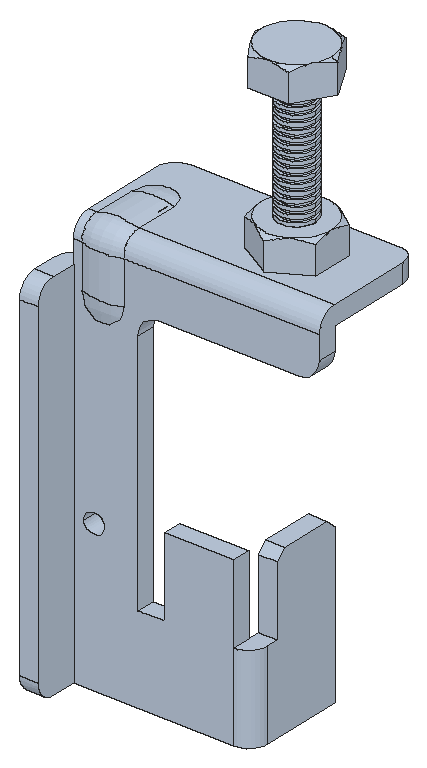
Revit family "HPL", category 機械設備, Revit 2020
Family settings
  丸型コネクタ寸法 = 直径を使用
  種別 = なし
  パーツ タイプ = 標準
  作業面ベース = いいえ
  常に垂直 = はい
  ロード時にボイドで切り取り = いいえ
  共有 = はい
  部屋計算ポイント = いいえ
Parameters (values of type "ﾊﾘｼﾀﾋﾟｰｽﾛｯｸ 40")
  ﾊﾘｼﾀﾋﾟｰｽ ﾏﾃﾘｱﾙ [instance] = 電気亜鉛メッキ
  製造元 = "株式会社サンユー"
  既定の高さ = 0 mm
  フランジT [instance] = 40 mm
  クリアランス = 45 mm
  URL = "http://www.3you.co.jp/"
  t [instance] = 2.3 mm
Types (3, lengths in mm): name | フランジT | クリアランス
  ﾊﾘｼﾀﾋﾟｰｽﾛｯｸ 20 | 20 | 25
  ﾊﾘｼﾀﾋﾟｰｽﾛｯｸ 40 | 40 | 45
  ﾊﾘｼﾀﾋﾟｰｽﾛｯｸ 60 | 60 | 65
Reference planes
  plane 1 "中心(正面/背面)": y = 0
  plane 2: z = 0
  plane 3 "中心(左/右)": x = 0
  plane 4: x = 2.25
  plane 5: z = 53.2
  plane 6: z = 57.7
  plane 7: z = 42.7
  plane 8: z = 47.7
  plane 9: through (0, 20, 1200) normal (0.7714, -0.6364, 0)
  plane 10: through (0, 20, 1200) normal (0.4511, -0.8925, 0)
  plane 11: through (-42.725, -16.135, 1200) normal (-0.2594, 0.9658, 0)
  plane 12: z = -2.3
  plane 13: z = -42.3
  plane 14: z = -21.3
  plane 15: x = -33.5
  plane 16: z = -6.3
  plane 17: x = -31.5
  plane 18: x = -32.5
  plane 19: x = -30.5
  plane 20: z = 40
Forms (mm)
  Extrusion 1, solid, material "電気亜鉛メッキ" <- "ﾊﾘｼﾀﾋﾟｰｽ ﾏﾃﾘｱﾙ"
    sketch origin (0, 0, -2.3) x (1, 0, 0) y (0, 0, 1)
      loop
        arc (-23, 40) -> (-21.536, 43.536) -> (-18, 45) r 5
        line (-18, 45) -> (15.5, 45)
        arc (15.5, 45) -> (19.036, 46.464) -> (20.5, 50) r 5
        line (20.5, 50) -> (20.5, 55.5) -> (-38.5, 55.5) -> (-38.5, -40) -> (0, -40) -> (0, 0) -> (-16.5, 0) -> (-16.5, -19) -> (-23, -19) -> (-23, 40)
      loop
        circle (-33.5, -4) r 2.5
    from 0 to 4.5
  Extrusion 2, solid, material "電気亜鉛メッキ" <- "ﾊﾘｼﾀﾋﾟｰｽ ﾏﾃﾘｱﾙ"
    sketch origin (0, 0, -2.3) x (1, 0, 0) y (0, 1, 0)
      loop
        line (0, 3) -> (0, -4.5)
        arc (0, -4.5) -> (3.182, -3.182) -> (4.5, 0) r 4.5
        line (4.5, 0) -> (4.5, 3) -> (0, 3)
    from -40 to -19
  Extrusion 3, solid, material "電気亜鉛メッキ" <- "ﾊﾘｼﾀﾋﾟｰｽ ﾏﾃﾘｱﾙ"
    sketch origin (0, 0, -2.3) x (1, 0, 0) y (0, 1, 0)
      loop
        line (16, 25) -> (-34, 25)
        arc (-34, 25) -> (-37.182, 23.682) -> (-38.5, 20.5) r 4.5
        line (-38.5, 20.5) -> (-38.5, 0) -> (20.5, 0) -> (20.5, 20.5)
        arc (20.5, 20.5) -> (19.182, 23.682) -> (16, 25) r 4.5
      loop
        circle (2.25, 11.5) r 4.49
    from 55.5 to 60
  Extrusion 4, solid, material "電気亜鉛メッキ" <- "ﾊﾘｼﾀﾋﾟｰｽ ﾏﾃﾘｱﾙ"
    sketch origin (0, 0, 17.7) x (0, 1, 0) y (0, 0, 1)
      loop
        arc (0, 40) -> (-3.182, 38.682) -> (-4.5, 35.5) r 4.5
        line (-4.5, 35.5) -> (0, 35.5) -> (0, 40)
    from -38.5 to 20.5
  Extrusion 5, solid, material "電気亜鉛メッキ" <- "ﾊﾘｼﾀﾋﾟｰｽ ﾏﾃﾘｱﾙ"
    sketch origin (0, 0, -2.3) x (0, 1, 0) y (0, 0, 1)
      loop
        line (20, -2.121) -> (17.879, 0) -> (5.121, 0) -> (3, -2.121) -> (3, -40) -> (20, -40) -> (20, -2.121)
    from 0 to 4.5
  Extrusion 6, solid, material "電気亜鉛メッキ" <- "ﾊﾘｼﾀﾋﾟｰｽ ﾏﾃﾘｱﾙ"
    sketch origin (4.5, 0, -2.3) x (0, 1, 0) y (0, 0, 1)
      loop
        line (-15, 45.5) -> (-15, -35.5)
        arc (-15, -35.5) -> (-13.682, -38.682) -> (-10.5, -40) r 4.5
        line (-10.5, -40) -> (0, -40) -> (0, 50) -> (-10.5, 50)
        arc (-10.5, 50) -> (-13.682, 48.682) -> (-15, 45.5) r 4.5
    from -47.5 to -43
  Extrusion 7, void
    sketch origin (4.5, 0, -2.3) x (1, 0, 0) y (0, 1, 0)
      loop
        line (-43, 0) -> (-47.5, 0) -> (-47.5, -4.5)
        arc (-47.5, -4.5) -> (-46.182, -1.318) -> (-43, 0) r 4.5
    from 50 to -40
  Sweep 8, solid, material "電気亜鉛メッキ" <- "ﾊﾘｼﾀﾋﾟｰｽ ﾏﾃﾘｱﾙ"
    path origin (0, 0.003, -2.3) x (0, 1, 0) y (0, 0, 1)
      loop
        arc (15.497, 59.197) -> (13.057, 59.798) -> (10.552, 60) r 15.636
        line (10.552, 60) -> (-0.003, 60)
        arc (-0.003, 60) -> (-3.185, 58.682) -> (-4.503, 55.5) r 4.5
        line (-4.503, 55.5) -> (-4.503, 45)
        arc (-4.503, 45) -> (-4.301, 42.468) -> (-3.703, 40) r 16.025
    profile origin (0, 5.277, 57.7) x (0, 0, -1) y (1, 0, 0)
      loop
        arc (0, -26.5) -> (-0.831, -31.5) -> (0, -36.5) r 15.451
        line (0, -36.5) -> (0, -26.5)
  Sweep 9, void
    path origin (0, 0, 0) x (0, 1, 0) y (0, 0, 1)
      loop
        line (0, 38.2) -> (0, 53.2) -> (15.495, 53.2)
    profile origin (0, 7.748, 53.2) x (0, 0, 1) y (1, 0, 0)
      loop
        line (0.768, -32) -> (1.6, -32) -> (1.6, -31) -> (0.781, -31)
        arc (0.781, -31) -> (0.281, -30.824) -> (0, -30.375) r 0.8
        line (0, -30.375) -> (0, -32.575)
        arc (0, -32.575) -> (0.288, -32.16) -> (0.768, -32) r 0.8
Cuts and joins
  Sweep 9 cuts Extrusion 1
  Sweep 9 cuts Extrusion 2
  Sweep 9 cuts Extrusion 3
  Sweep 9 cuts Extrusion 4
  Sweep 9 cuts Extrusion 5
  Extrusion 7, Sweep 9 cuts Extrusion 6
  joined: Extrusion 1, Extrusion 2, Extrusion 3, Extrusion 4, Extrusion 5, Extrusion 6, Sweep 8
Lines and regions (mm)
  reference lines
    curve 1: line (-23, 0, 67.915) -> (-23, 0, -57.085)
    curve 2: line (-53, 0, 0) -> (27, 0, 0)
Dimensions and locks
  plane 6 to plane 5 to plane 8 to plane 7 = 4.5 mm locked, 5.5 mm locked, 5 mm locked
  "t": plane 2 to plane 12
  "クリアランス": plane 7 to plane 12
  plane 12 to plane 14 to plane 13 = 19 mm locked, 21 mm locked
  level to plane 16 = 6.3 mm
  "フランジT": plane 20 to plane 2
  radius of Extrusion 1 sketch curve = 5 mm
  aligned and locked: plane 2 to level
  aligned and locked: plane 12 to Extrusion 5
  aligned and locked: plane 5 to cut or joined group 1 (Extrusion 1, Extrusion 2, Extrusion 3, Extrusion 4, Extrusion 5, Extrusion 6, Extrusion 7, Sweep 8, Sweep 9)  (x2)
  aligned and locked: Extrusion 4 to plane 5
  aligned and locked: plane 6 to Extrusion 4
  aligned and locked: plane 6 to cut or joined group 1
  aligned and locked: plane 6 to nested 1
  aligned and locked: plane 8 to cut or joined group 1
  aligned and locked: cut or joined group 1 to plane 13  (x3)
  aligned and locked: plane 14 to cut or joined group 1  (x2)
  aligned and locked: plane 13 to cut or joined group 1  (x2)
  aligned and locked: Sweep 8 to plane 6
  aligned and locked: curve 1 to cut or joined group 1
  aligned and locked: curve 2 to plane 2
  aligned and locked: plane 20 to nested 2
Automatic sketch dimensions
  Extrusion 2 sketch curve to plane 3 "中心(左/右)" = 0 mm
  plane 1 "中心(正面/背面)" to Extrusion 2 sketch curve = 0 mm
  plane 4 to Extrusion 2 sketch curve = 2.25 mm
  Extrusion 2 sketch curve to plane 1 "中心(正面/背面)" = 3 mm
  plane 1 "中心(正面/背面)" to Extrusion 3 sketch curve = 0 mm
  Extrusion 3 sketch curve to Extrusion 3 sketch curve = 4.5 mm
  plane 4 to Extrusion 3 sketch curve = 13.75 mm
  plane 4 to Extrusion 3 sketch curve = 18.25 mm
  Extrusion 3 sketch curve to plane 1 "中心(正面/背面)" = 20.5 mm
  Extrusion 4 sketch curve to plane 5 = 0 mm
  Extrusion 4 sketch curve to plane 1 "中心(正面/背面)" = 0 mm
  Extrusion 4 sketch curve to plane 6 = 0 mm
  plane 1 "中心(正面/背面)" to Extrusion 4 sketch curve = 4.5 mm
  Extrusion 5 sketch curve to plane 12 = 0 mm
  Extrusion 5 sketch curve to plane 1 "中心(正面/背面)" = 3 mm
  Extrusion 5 sketch curve to Extrusion 5 sketch curve = 2.121 mm  (x2)
  Extrusion 5 sketch curve to Extrusion 5 sketch curve = 12.757 mm
  Extrusion 5 sketch curve to plane 12 = 2.121 mm  (x2)
  Extrusion 5 sketch curve to Extrusion 5 sketch curve = 37.879 mm
  Extrusion 6 sketch curve to plane 8 = 0 mm
  Extrusion 6 sketch curve to plane 1 "中心(正面/背面)" = 0 mm
  plane 1 "中心(正面/背面)" to Extrusion 6 sketch curve = 10.5 mm  (x2)
  Extrusion 6 sketch curve to Extrusion 6 sketch curve = 4.5 mm
  Extrusion 6 sketch curve to plane 12 = 35.5 mm
  plane 1 "中心(正面/背面)" to Extrusion 7 sketch curve = 0 mm
  Extrusion 7 sketch curve to Extrusion 7 sketch curve = 4.5 mm
  plane 1 "中心(正面/背面)" to Extrusion 7 sketch curve = 4.5 mm
  Extrusion 7 sketch curve to Extrusion 7 sketch curve = 0 mm
  Extrusion 3 sketch curve to plane 4 = 0 mm
  Extrusion 3 sketch curve to plane 1 "中心(正面/背面)" = 11.5 mm
  Extrusion 3 sketch curve to plane 3 "中心(左/右)" = 2.24 mm
  Extrusion 1 sketch curve to plane 5 = 0 mm
  Extrusion 1 sketch curve to plane 15 = 0 mm
  Extrusion 1 sketch curve to plane 14 = 0 mm
  Extrusion 1 sketch curve to plane 7 = 0 mm
  Extrusion 1 sketch curve to plane 12 = 0 mm
  Extrusion 1 sketch curve to plane 3 "中心(左/右)" = 0 mm
  Extrusion 1 sketch curve to plane 16 = 0 mm
  Extrusion 1 sketch curve to plane 15 = 5 mm
  plane 4 to Extrusion 1 sketch curve = 13.25 mm
  Extrusion 1 sketch curve to plane 8 = 0 mm
  Extrusion 1 sketch curve to plane 13 = 0 mm
  Sweep 8 sketch curve to plane 7 = 0 mm
  Sweep 8 sketch curve to plane 6 = 0 mm
  plane 5 to Sweep 8 sketch curve = 0 mm
  plane 1 "中心(正面/背面)" to Sweep 8 sketch curve = 4.5 mm
  Sweep 8 sketch curve to Sweep 8 sketch curve = 10.555 mm
  Sweep 8 sketch curve to Sweep 8 sketch curve = 0.97 mm
  Sweep 8 sketch curve to plane 7 = 0.636 mm
  Sweep 8 sketch curve to plane 6 = 0.803 mm
  Sweep 8 sketch curve to profile plane = 0 mm
  Sweep 8 sketch curve to plane 17 = 0 mm
  Sweep 8 sketch curve to profile plane = 14.619 mm
  Sweep 8 sketch curve to plane 17 = 5 mm
  Sweep 9 sketch curve to plane 1 "中心(正面/背面)" = 0 mm
  Sweep 9 sketch curve to plane 5 = 0 mm
  Sweep 9 sketch curve to plane 1 "中心(正面/背面)" = 15.495 mm
  Sweep 9 sketch curve to profile plane = 0 mm
  plane 18 to Sweep 9 sketch curve = 0.5 mm
  Sweep 9 sketch curve to profile plane = 0.768 mm
  plane 19 to Sweep 9 sketch curve = 0.3 mm
  Sweep 9 sketch curve to profile plane = 0.781 mm
  Sweep 9 sketch curve to Sweep 9 sketch curve = 0.832 mm
  Sweep 9 sketch curve to plane 18 = 0.075 mm
  Sweep 9 sketch curve to Sweep 9 sketch curve = 0.8 mm
  plane 1 "中心(正面/背面)" to Sweep 8 sketch curve = 3.7 mm
  Sweep 9 sketch curve to plane 7 = 4.5 mm
  plane 15 to Extrusion 1 sketch curve = 10.5 mm
  Extrusion 1 sketch curve to Extrusion 1 sketch curve = 16.5 mm
  Extrusion 3 sketch curve to plane 3 "中心(左/右)" = 34 mm
  Extrusion 7 sketch curve to plane 3 "中心(左/右)" = 43 mm
  curve 2 to plane 3 "中心(左/右)" = 53 mm
  curve 1 to plane 3 "中心(左/右)" = 23 mm
  plane 4 to curve 2 = 24.75 mm
  curve 1 to plane 13 = 14.785 mm
  plane 6 to curve 1 = 10.215 mm
  radius of Extrusion 1 sketch curve = 2.5 mm
Nested families
  nested 1: "ﾅｯﾄ" at (2.25, 11.5, 57.7), type "ﾅｯﾄ"
  nested 2: "ﾎﾞﾙﾄ" at (2.25, 11.5, 95), type "ﾎﾞﾙﾄ"
Definition of nested family "ﾅｯﾄ"
  Parameters (values of type "ﾅｯﾄ")
    ﾅｯﾄ ﾏﾃﾘｱﾙ = none
    高さ = 40 mm
    Default Elevation = 0 mm
  Reference planes
    plane 1 "中心(正面/背面)": y = 0
    plane 2: z = 0
    plane 3 "中心(左/右)": x = 0
    plane 4: z = 0
  Forms (mm)
    Extrusion 1, solid, material <- "ﾅｯﾄ ﾏﾃﾘｱﾙ"
      sketch origin (-14.998, 0, 0) x (1, 0, 0) y (0, 1, 0)
        loop
          line (23.498, 4.907) -> (14.998, 9.815) -> (6.498, 4.907) -> (6.498, -4.907) -> (14.998, -9.815) -> (23.498, -4.907) -> (23.498, 4.907)
        loop
          circle (14.998, 0) r 4.5
      from 0 to 7.7
    Sweep 2, void
      path origin (0, 0, 0) x (1, 0, 0) y (0, 1, 0)
        loop
          circle (0, 0) r 8.5
      profile origin (0, 8.5, 0) x (0, -1, 0) y (0, 0, 1)
        loop
          line (0, 7.7) -> (-1.315, 7.7) -> (-1.315, 6.721)
          arc (-1.315, 6.721) -> (-0.612, 7.149) -> (0, 7.7) r 4.432
  Cuts and joins
    Sweep 2 cuts Extrusion 1
  Lines and regions (mm)
    reference lines
      curve 1: circle (0, 0, 0) r 8.5 normal (0, 0, 1)
  Dimensions and locks
    aligned and locked: level to plane 2
Definition of nested family "ﾎﾞﾙﾄ"
  Parameters (values of type "ﾎﾞﾙﾄ")
    ﾎﾞﾙﾄ ﾏﾃﾘｱﾙ = none
    高さ = 55 mm
    Default Elevation = 0 mm
    ネジ = 高さ / 1.6 mm - 1  # 33
    ねじ芯R = 3.7 mm
  Reference planes
    plane 1 "中心(正面/背面)": y = 0
    plane 2: z = 0
    plane 3 "中心(左/右)": x = 0
    plane 4: z = 0
    plane 5: z = -55
  Forms (mm)
    Extrusion 1, solid, material <- "ﾎﾞﾙﾄ ﾏﾃﾘｱﾙ"
      sketch origin (-14.99, 0, 0) x (1, 0, 0) y (0, 1, 0)
        loop
          circle (14.99, 0) r 3.7
      from 0 to -55
    Sweep 2, void
      path origin (0, 0, 0) x (1, 0, 0) y (0, 1, 0)
        loop
          circle (0, 0) r 8.5
      profile origin (0, 8.5, 0) x (0, -1, 0) y (0, 0, 1)
        loop
          line (0, 7.7) -> (-1.315, 7.7) -> (-1.315, 6.721)
          arc (-1.315, 6.721) -> (-0.612, 7.149) -> (0, 7.7) r 4.432
    Extrusion 3, solid, material <- "ﾎﾞﾙﾄ ﾏﾃﾘｱﾙ"
      sketch origin (-14.998, 0, -50) x (1, 0, 0) y (0, 1, 0)
        loop
          line (10.09, 8.5) -> (5.183, 0) -> (10.09, -8.5) -> (19.905, -8.5) -> (24.813, 0) -> (19.905, 8.5) -> (10.09, 8.5)
      from 50 to 57.7
  Cuts and joins
    Sweep 2 cuts Extrusion 3
  Dimensions and locks
    equal spacing: group 1, group 2, group 3, group 4, group 5, group 6, group 7, group 8, group 9, group 10, group 11, group 12, group 13, group 14, group 15, group 16, group 17, group 18, group 19, group 20, group 21, group 22, group 23, group 24, group 25, group 26, group 27, group 28, group 29, group 30, group 31, group 32, group 33  (x2)
    equal spacing: group 33, group 32, group 31, group 30, group 29, group 28, group 27, group 26, group 25, group 24, group 23, group 22, group 21, group 20, group 19, group 18, group 17, group 16, group 15, group 14, group 13, group 12, group 11, group 10, group 9, group 8, group 7, group 6, group 5, group 4, group 3, group 2, group 1
    "高さ": plane 4 to plane 5
    "ねじ芯R": radius of Extrusion 1 sketch curve
    aligned and locked: level to plane 2
    aligned and locked: Extrusion 1 to plane 5
  Automatic sketch dimensions
    plane 1 "中心(正面/背面)" to Sweep 2 sketch curve = 0 mm
    Sweep 2 sketch curve to plane 3 "中心(左/右)" = 0 mm
    Sweep 2 sketch curve to profile plane = 0 mm
    profile plane to Sweep 2 sketch curve = 1.315 mm
    profile plane to Sweep 2 sketch curve = 3.259 mm
    profile plane to Sweep 2 sketch curve = 6.721 mm
    Sweep 2 sketch curve to Sweep 2 sketch curve = 0.979 mm
    plane 1 "中心(正面/背面)" to Extrusion 3 sketch curve = 0 mm  (x2)
    Extrusion 3 sketch curve to plane 3 "中心(左/右)" = 9.815 mm
    Extrusion 3 sketch curve to plane 3 "中心(左/右)" = 4.907 mm  (x2)
    plane 3 "中心(左/右)" to Extrusion 3 sketch curve = 4.907 mm  (x2)
    plane 3 "中心(左/右)" to Extrusion 3 sketch curve = 9.815 mm
    plane 1 "中心(正面/背面)" to Extrusion 3 sketch curve = 8.5 mm
    Extrusion 3 sketch curve to plane 1 "中心(正面/背面)" = 8.5 mm
    plane 1 "中心(正面/背面)" to Extrusion 1 sketch curve = 0 mm
    Extrusion 1 sketch curve to plane 3 "中心(左/右)" = 0 mm
    radius of Sweep 2 sketch curve = 8.5 mm
  Nested families
    nested 1: "ねじ山" at (0, 0, -1.312), ねじ山 ﾏﾃﾘｱﾙ <- "ﾎﾞﾙﾄ ﾏﾃﾘｱﾙ", type "ねじ山"
      with 外半径 4.5 mm, 内半径 3.7 mm
    nested 2: "ねじ山" at (0, 0, -2.963), ねじ山 ﾏﾃﾘｱﾙ <- "ﾎﾞﾙﾄ ﾏﾃﾘｱﾙ", type "ねじ山"
      with 外半径 4.5 mm, 内半径 3.7 mm
    nested 3: "ねじ山" at (0, 0, -4.613), ねじ山 ﾏﾃﾘｱﾙ <- "ﾎﾞﾙﾄ ﾏﾃﾘｱﾙ", type "ねじ山"
      with 外半径 4.5 mm, 内半径 3.7 mm
    nested 4: "ねじ山" at (0, 0, -6.263), ねじ山 ﾏﾃﾘｱﾙ <- "ﾎﾞﾙﾄ ﾏﾃﾘｱﾙ", type "ねじ山"
      with 外半径 4.5 mm, 内半径 3.7 mm
    nested 5: "ねじ山" at (0, 0, -7.913), ねじ山 ﾏﾃﾘｱﾙ <- "ﾎﾞﾙﾄ ﾏﾃﾘｱﾙ", type "ねじ山"
      with 外半径 4.5 mm, 内半径 3.7 mm
    nested 6: "ねじ山" at (0, 0, -9.564), ねじ山 ﾏﾃﾘｱﾙ <- "ﾎﾞﾙﾄ ﾏﾃﾘｱﾙ", type "ねじ山"
      with 外半径 4.5 mm, 内半径 3.7 mm
    nested 7: "ねじ山" at (0, 0, -11.214), ねじ山 ﾏﾃﾘｱﾙ <- "ﾎﾞﾙﾄ ﾏﾃﾘｱﾙ", type "ねじ山"
      with 外半径 4.5 mm, 内半径 3.7 mm
    nested 8: "ねじ山" at (0, 0, -12.864), ねじ山 ﾏﾃﾘｱﾙ <- "ﾎﾞﾙﾄ ﾏﾃﾘｱﾙ", type "ねじ山"
      with 外半径 4.5 mm, 内半径 3.7 mm
    nested 9: "ねじ山" at (0, 0, -14.514), ねじ山 ﾏﾃﾘｱﾙ <- "ﾎﾞﾙﾄ ﾏﾃﾘｱﾙ", type "ねじ山"
      with 外半径 4.5 mm, 内半径 3.7 mm
    nested 10: "ねじ山" at (0, 0, -16.165), ねじ山 ﾏﾃﾘｱﾙ <- "ﾎﾞﾙﾄ ﾏﾃﾘｱﾙ", type "ねじ山"
      with 外半径 4.5 mm, 内半径 3.7 mm
    nested 11: "ねじ山" at (0, 0, -17.815), ねじ山 ﾏﾃﾘｱﾙ <- "ﾎﾞﾙﾄ ﾏﾃﾘｱﾙ", type "ねじ山"
      with 外半径 4.5 mm, 内半径 3.7 mm
    nested 12: "ねじ山" at (0, 0, -19.465), ねじ山 ﾏﾃﾘｱﾙ <- "ﾎﾞﾙﾄ ﾏﾃﾘｱﾙ", type "ねじ山"
      with 外半径 4.5 mm, 内半径 3.7 mm
    nested 13: "ねじ山" at (0, 0, -21.115), ねじ山 ﾏﾃﾘｱﾙ <- "ﾎﾞﾙﾄ ﾏﾃﾘｱﾙ", type "ねじ山"
      with 外半径 4.5 mm, 内半径 3.7 mm
    nested 14: "ねじ山" at (0, 0, -22.766), ねじ山 ﾏﾃﾘｱﾙ <- "ﾎﾞﾙﾄ ﾏﾃﾘｱﾙ", type "ねじ山"
      with 外半径 4.5 mm, 内半径 3.7 mm
    nested 15: "ねじ山" at (0, 0, -24.416), ねじ山 ﾏﾃﾘｱﾙ <- "ﾎﾞﾙﾄ ﾏﾃﾘｱﾙ", type "ねじ山"
      with 外半径 4.5 mm, 内半径 3.7 mm
    nested 16: "ねじ山" at (0, 0, -26.066), ねじ山 ﾏﾃﾘｱﾙ <- "ﾎﾞﾙﾄ ﾏﾃﾘｱﾙ", type "ねじ山"
      with 外半径 4.5 mm, 内半径 3.7 mm
    nested 17: "ねじ山" at (0, 0, -27.716), ねじ山 ﾏﾃﾘｱﾙ <- "ﾎﾞﾙﾄ ﾏﾃﾘｱﾙ", type "ねじ山"
      with 外半径 4.5 mm, 内半径 3.7 mm
    nested 18: "ねじ山" at (0, 0, -29.366), ねじ山 ﾏﾃﾘｱﾙ <- "ﾎﾞﾙﾄ ﾏﾃﾘｱﾙ", type "ねじ山"
      with 外半径 4.5 mm, 内半径 3.7 mm
    nested 19: "ねじ山" at (0, 0, -31.017), ねじ山 ﾏﾃﾘｱﾙ <- "ﾎﾞﾙﾄ ﾏﾃﾘｱﾙ", type "ねじ山"
      with 外半径 4.5 mm, 内半径 3.7 mm
    nested 20: "ねじ山" at (0, 0, -32.667), ねじ山 ﾏﾃﾘｱﾙ <- "ﾎﾞﾙﾄ ﾏﾃﾘｱﾙ", type "ねじ山"
      with 外半径 4.5 mm, 内半径 3.7 mm
    nested 21: "ねじ山" at (0, 0, -34.317), ねじ山 ﾏﾃﾘｱﾙ <- "ﾎﾞﾙﾄ ﾏﾃﾘｱﾙ", type "ねじ山"
      with 外半径 4.5 mm, 内半径 3.7 mm
    nested 22: "ねじ山" at (0, 0, -35.967), ねじ山 ﾏﾃﾘｱﾙ <- "ﾎﾞﾙﾄ ﾏﾃﾘｱﾙ", type "ねじ山"
      with 外半径 4.5 mm, 内半径 3.7 mm
    nested 23: "ねじ山" at (0, 0, -37.618), ねじ山 ﾏﾃﾘｱﾙ <- "ﾎﾞﾙﾄ ﾏﾃﾘｱﾙ", type "ねじ山"
      with 外半径 4.5 mm, 内半径 3.7 mm
    nested 24: "ねじ山" at (0, 0, -39.268), ねじ山 ﾏﾃﾘｱﾙ <- "ﾎﾞﾙﾄ ﾏﾃﾘｱﾙ", type "ねじ山"
      with 外半径 4.5 mm, 内半径 3.7 mm
    nested 25: "ねじ山" at (0, 0, -40.918), ねじ山 ﾏﾃﾘｱﾙ <- "ﾎﾞﾙﾄ ﾏﾃﾘｱﾙ", type "ねじ山"
      with 外半径 4.5 mm, 内半径 3.7 mm
    nested 26: "ねじ山" at (0, 0, -42.568), ねじ山 ﾏﾃﾘｱﾙ <- "ﾎﾞﾙﾄ ﾏﾃﾘｱﾙ", type "ねじ山"
      with 外半径 4.5 mm, 内半径 3.7 mm
    nested 27: "ねじ山" at (0, 0, -44.219), ねじ山 ﾏﾃﾘｱﾙ <- "ﾎﾞﾙﾄ ﾏﾃﾘｱﾙ", type "ねじ山"
      with 外半径 4.5 mm, 内半径 3.7 mm
    nested 28: "ねじ山" at (0, 0, -45.869), ねじ山 ﾏﾃﾘｱﾙ <- "ﾎﾞﾙﾄ ﾏﾃﾘｱﾙ", type "ねじ山"
      with 外半径 4.5 mm, 内半径 3.7 mm
    nested 29: "ねじ山" at (0, 0, -47.519), ねじ山 ﾏﾃﾘｱﾙ <- "ﾎﾞﾙﾄ ﾏﾃﾘｱﾙ", type "ねじ山"
      with 外半径 4.5 mm, 内半径 3.7 mm
    nested 30: "ねじ山" at (0, 0, -49.169), ねじ山 ﾏﾃﾘｱﾙ <- "ﾎﾞﾙﾄ ﾏﾃﾘｱﾙ", type "ねじ山"
      with 外半径 4.5 mm, 内半径 3.7 mm
    nested 31: "ねじ山" at (0, 0, -50.82), ねじ山 ﾏﾃﾘｱﾙ <- "ﾎﾞﾙﾄ ﾏﾃﾘｱﾙ", type "ねじ山"
      with 外半径 4.5 mm, 内半径 3.7 mm
    nested 32: "ねじ山" at (0, 0, -52.47), ねじ山 ﾏﾃﾘｱﾙ <- "ﾎﾞﾙﾄ ﾏﾃﾘｱﾙ", type "ねじ山"
      with 外半径 4.5 mm, 内半径 3.7 mm
    nested 33: "ねじ山" at (0, 0, -54.12), ねじ山 ﾏﾃﾘｱﾙ <- "ﾎﾞﾙﾄ ﾏﾃﾘｱﾙ", type "ねじ山"
      with 外半径 4.5 mm, 内半径 3.7 mm
  Definition of nested family "ねじ山"
    Parameters (values of type "ねじ山")
      ねじ山 ﾏﾃﾘｱﾙ [instance] = none
      Default Elevation = 0 mm
      外半径 = 内半径 + 0.8 mm  # 2.9 mm
      内半径 = 2.1 mm
      ねじ山 表示 = yes
    Reference planes
      plane 1 "中心(正面/背面)": y = 0
      plane 2: z = 0
      plane 3 "中心(左/右)": x = 0
    Forms (mm)
      Extrusion 1, solid, material <- "ねじ山 ﾏﾃﾘｱﾙ", visible <- "ねじ山 表示"
        sketch origin (0, 0, 0) x (1, 0, 0) y (0, 1, 0)
          loop
            circle (0, 0) r 2.1
          loop
            circle (0, 0) r 2.9
        from 0 to 0.8
    Dimensions and locks
      "内半径": radius of Extrusion 1 sketch curve
      "外半径": radius of Extrusion 1 sketch curve
      aligned and locked: level to plane 2
    Automatic sketch dimensions
      Extrusion 1 sketch curve to Extrusion 1 sketch curve = 0 mm  (x2)
      plane 1 "中心(正面/背面)" to Extrusion 1 sketch curve = 0 mm
      Extrusion 1 sketch curve to plane 3 "中心(左/右)" = 0 mm
